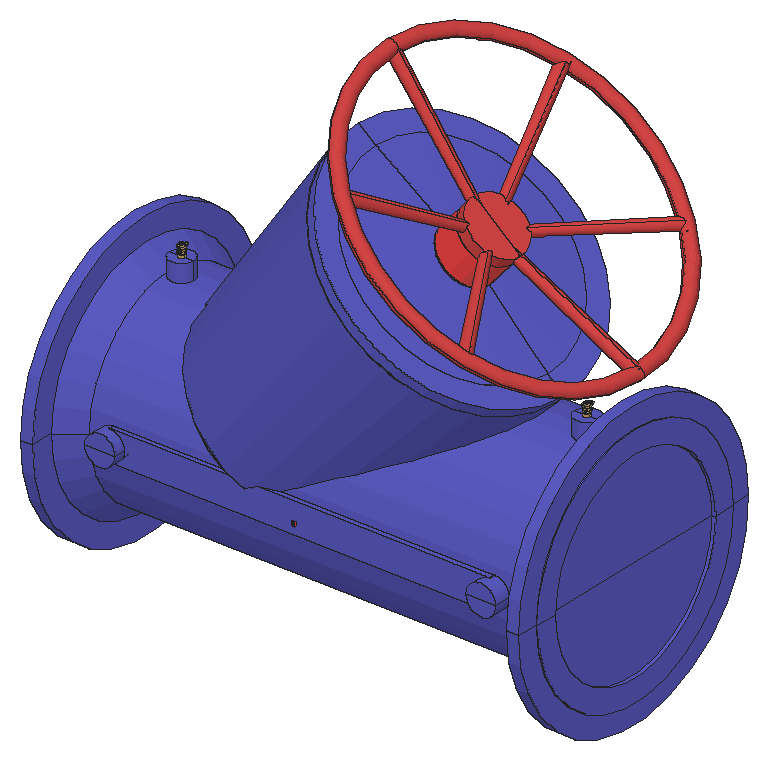
Revit family "Strangregulierventil für Differenzdruckmessung, Schrägsitzform 4218 GF PN16", category Rohrzubehör, Revit 2021
Family settings
  Bemaßung runder Anschluss = Durchmesser verwenden
  Teiletyp = Unterbricht
  OmniClass-Nummer = 23.65.55.14
  OmniClass-Titel = Valves for Liquid Services
  Arbeitsebenenbasiert = Nein
  Immer vertikal = Ja
  Beim Laden mit Abzugskörper schneiden = Nein
  Gemeinsam genutzt = Nein
Parameters
  kvs-Wert [instance] = if(Nennweite = 350.00 mm, 2917.6, if(Nennweite = 400.00 mm, 3854.8, if(Nennweite = 500.00 mm, 5250.6, 0)))  # 5250.6
  Zählvorrichtung = "Kunststoffmaterial"  # constant formula
  W02 = 60.00°  # constant formula
  W01 = 50.00°  # constant formula
  Vorgabe-Ansicht = 0.00 mm
  Ventilkegel = "Sphäroguss EN-GJS-400-15 gem. EN 1561/EPDM beschichtet"  # constant formula
  S01 [instance] = Nennweite + 10.00 mm  # 510.00 mm
  Regulierspindel = "Edelstahl"  # constant formula
  Oberteil = "Sphäroguss EN-GJS-400-15"  # constant formula
  O-Ringe = "EPDM"  # constant formula
  L04 [instance] = size_lookup("4218_GF_16_", "L4", 1.00 mm, Nennweite)  # 255.00 mm
  H11 = 85.00 mm  # constant formula
  H10 [instance] = H07 + H03  # 720.30 mm
  H08 = 47.00 mm  # constant formula
  H07 = 50.00 mm  # constant formula
  H06 = 27.00 mm  # constant formula
  H05 [instance] = H04 + 25.00 mm  # 605.00 mm
  H04 [instance] = size_lookup("4218_GF_16_", "H4", 1.00 mm, Nennweite)  # 580.00 mm
  H03 [instance] = size_lookup("4218_GF_16_", "H3", 1.00 mm, Nennweite)  # 670.30 mm
  Gewicht [instance] = if(Nennweite = 350.00 mm, "536.0 kg", if(Nennweite = 400.00 mm, "547.0 kg", if(Nennweite = 500.00 mm, "968.0 kg", "0")))  # "968.0 kg"
  Gehäuse = "Sphäroguss EN-GJS-400-15"  # constant formula
  URL = "www.herz-armaturen.at"
  SCRNSEQ = "ARM;ARM_TYP=\"STRV\";2"
  SCRNCODE = "05;07;02"  # constant formula
  R02 [instance] = size_lookup("4218_GF_16_", "R2", 1.00 mm, Nennweite)  # 30.00 mm
  R01 [instance] = size_lookup("4218_GF_16_", "R1", 1.00 mm, Nennweite)  # 37.50 mm
  Spindel = "Edelstahl"  # constant formula
  Nennweite [instance] = 500.00 mm
  Medium = "Heizwasserqualität entsprechend ÖNORM H 5195 bzw. VDI Richtlinie 2035.\r\nEthylen und Propylenglykol können in einem Verhältnis von 25-50 vol. [%] gemischt werden."
  Max. Betriebstemperatur = 110 °C  # constant formula
  Min. Betriebstemperatur = -10 °C  # constant formula
  Max. Betriebsdruck = 1600000.0 Pa  # constant formula
  L03 [instance] = size_lookup("4218_GF_16_", "L3", 1.00 mm, Nennweite)  # 505.00 mm
  L02 [instance] = size_lookup("4218_GF_16_", "L2", 1.00 mm, Nennweite)  # 475.00 mm
  L01 [instance] = size_lookup("4218_GF_16_", "L1", 1.00 mm, Nennweite)  # 533.50 mm
  L00 [instance] = size_lookup("4218_GF_16_", "L", 1.00 mm, Nennweite)  # 1250.00 mm
  Hersteller = "HERZ Armaturen Ges.m.b.H."  # constant formula
  H09 [instance] = H03  # 670.30 mm
  H02 [instance] = size_lookup("4218_GF_16_", "H2", 1.00 mm, Nennweite)  # 295.00 mm
  H01 [instance] = size_lookup("4218_GF_16_", "H1", 1.00 mm, Nennweite)  # 292.00 mm
  GT = 10.00 mm  # constant formula
  FLL02 [instance] = size_lookup("4218_GF_16_", "FLL2", 1.00 mm, Nennweite)  # 30.00 mm
  FLL01 [instance] = size_lookup("4218_GF_16_", "FLL1", 1.00 mm, Nennweite)  # 4.00 mm
  FLD03 [instance] = size_lookup("4218_GF_16_", "FLD3", 1.00 mm, Nennweite)  # 254.00 mm
  FLD02 [instance] = size_lookup("4218_GF_16_", "FLD2", 1.00 mm, Nennweite)  # 300.00 mm
  FLD01 [instance] = size_lookup("4218_GF_16_", "FLD1", 1.00 mm, Nennweite)  # 305.00 mm
  FLD00 [instance] = size_lookup("4218_GF_16_", "FLD", 1.00 mm, Nennweite)  # 357.50 mm
  Differenzdruckmessung = "Das STRÖMAX GF Strangregulierventil ist mit zwei Messventilen ausgestattet:\r\nSo ist es möglich, den Differenzdruck mit geeigneten Messgeräten zu messen und die Durchflussmenge entsprechend zu bestimmen."
  DN500 [instance] = Nennweite = 500.00 mm  # yes
  DN400 [instance] = Nennweite = 400.00 mm  # no
  DN350 [instance] = Nennweite = 350.00 mm  # no
  D05 = 75.00 mm  # constant formula
  D04 [instance] = size_lookup("4218_GF_16_", "D4", 1.00 mm, Nennweite)  # 54.00 mm
  D03 [instance] = size_lookup("4218_GF_16_", "D3", 1.00 mm, Nennweite)  # 275.00 mm
  D02 [instance] = D03 - 20.00 mm  # 255.00 mm
  D01 [instance] = size_lookup("4218_GF_16_", "D1", 1.00 mm, Nennweite)  # 334.00 mm
  D00 [instance] = size_lookup("4218_GF_16_", "D", 1.00 mm, Nennweite)  # 278.00 mm
  Bestellnummer [instance] = size_lookup("4218_GF_16_", "Artnr", 0, Nennweite)  # 1421892
  BH02 [instance] = -BH01  # -37.50 mm
  BH01 [instance] = size_lookup("4218_GF_16_", "BH1", 1.00 mm, Nennweite)  # 37.50 mm
  Ausführung = "STRÖMAX-GF-Strangregulierventil mit Messventilen, DN 350-500, Gehäuse Sphäroguss GJS 400-15 gem EN 1561, Flansch gem. EN 1092, PN 16, blaue Emaillierung.\r\nVentiloberteil Sphäroguss GJS 400-15, mit nicht steigen\u0002der Spindel, Spindelabdichtung mittels Dreifach-O-Ring.\r\nVoreinstellschritte werden digital angezeigt."
  Anwendungen = "Zum hydraulischen Abgleich in Heiz- oder Kühlsystemen zum Trennen von Sammelleitungen, Steigleitungen, Wärmetauschern, Heiz- und Kühlregistern."
  Anschluss [instance] = Nennweite / 2  # 250.00 mm
Reference planes
  plane 1 "Mitte (Vorne/hinten)": y = 0
  plane 2: z = 0
  plane 3 "Mitte (Links/rechts)": x = 0
Forms (mm)
  Revolve 1, solid, material "Herz-Marineblau", detail levels fine
    sketch origin (1058.943, 0, 0) x (1, 0, 0) y (0, 1, 0)
      loop
        line (-1679.943, 357.5) -> (-1679.943, 305) -> (-1683.943, 305) -> (-1683.943, 250) -> (-1673.943, 250) -> (-1673.943, 0) -> (-443.943, 0) -> (-443.943, 250) -> (-433.943, 250) -> (-433.943, 305) -> (-437.943, 305) -> (-437.943, 357.5) -> (-467.943, 357.5) -> (-467.943, 300) -> (-525.443, 254)
        arc (-525.443, 254) -> (-1058.943, 278) -> (-1592.443, 254) r 5941.63
        line (-1592.443, 254) -> (-1649.943, 300) -> (-1649.943, 357.5) -> (-1679.943, 357.5)
      axis (-1683.943, 0) -> (-433.943, 0)
    angle from 0 to 360
  Revolve 2, solid, material "Herz-Marineblau", detail levels fine
    sketch origin (0, 0, 0) x (1, 0, 0) y (0, 1, 0)
      loop
        line (-475, 292) -> (-512.5, 292) -> (-512.5, -292) -> (-475, -292) -> (-475, 292)
      axis (-475, 292) -> (-475, -292)
    angle from 0 to 360
  Revolve 3, solid, material "Herz-Marineblau", detail levels fine
    sketch origin (0, 0, 0) x (-1, 0, 0) y (0, 1, 0)
      loop
        line (-475, 292) -> (-512.5, 292) -> (-512.5, -292) -> (-475, -292) -> (-475, 292)
      axis (-475, 292) -> (-475, -292)
    angle from 0 to 360
  Revolve 4, solid, material "Herz-Marineblau", detail levels fine
    sketch origin (0, 0, 0) x (1, 0, 0) y (0, 0, 1)
      loop
        line (-505, 0) -> (-505, 295) -> (-535, 295) -> (-535, 0) -> (-505, 0)
      axis (-505, 295) -> (-505, 0)
    angle from 0 to 360
  Revolve 5, solid, material "Herz-Marineblau", detail levels fine
    sketch origin (0, 0, 0) x (-1, 0, 0) y (0, 0, 1)
      loop
        line (-505, 0) -> (-505, 295) -> (-535, 295) -> (-535, 0) -> (-505, 0)
      axis (-505, 295) -> (-505, 0)
    angle from 0 to 360
  Extrusion 6, solid, material "Herz-Marineblau", visible <- "DN500", detail levels fine
    sketch origin (0, 0, 0) x (1, 0, 0) y (0, 1, 0)
      loop
        arc (-475, -263.998) -> (0, -282.994) -> (475, -263.998) r 5948.094
        line (475, -263.998) -> (475, 263.998)
        arc (475, 263.998) -> (0, 282.994) -> (-475, 263.998) r 5948.094
        line (-475, 263.998) -> (-475, -263.998)
    from -37.5 <- "BH02" to 37.5 <- "BH01"
  Extrusion 7, solid, material "Herz-Marineblau", visible <- "DN400", detail levels fine
    sketch origin (0, 0, 0) x (1, 0, 0) y (0, 1, 0)
      loop
        arc (-410, -209.712) -> (0, -223.005) -> (410, -209.712) r 6329.849
        line (410, -209.712) -> (410, 209.712)
        arc (410, 209.712) -> (0, 223.005) -> (-410, 209.712) r 6329.849
        line (-410, 209.712) -> (-410, -209.712)
    from -37.5 <- "BH02" to 37.5 <- "BH01"
  Extrusion 8, solid, material "Herz-Marineblau", visible <- "DN350", detail levels fine
    sketch origin (0, 0, 0) x (1, 0, 0) y (0, 1, 0)
      loop
        arc (-390, -185.916) -> (0, -255.071) -> (390, -185.916) r 1134.286
        line (390, -185.916) -> (390, 185.916)
        arc (390, 185.916) -> (0, 255.071) -> (-390, 185.916) r 1134.286
        line (-390, 185.916) -> (-390, -185.916)
    from -37.5 <- "BH02" to 37.5 <- "BH01"
  Revolve 9, solid, material "Herz-Marineblau", detail levels fine
    sketch origin (0, 0, 0) x (1, 0, 0) y (0, 0, 1)
      loop
        line (-255, 0) -> (175.861, 513.48) -> (-79.998, 728.171) -> (-407.619, 245.94) -> (-408.367, 213.934) -> (-255, 0)
      axis (-255, 0) -> (175.861, 513.48)
    angle from 0 to 360
  Revolve 10, solid, material "Herz-Marineblau", detail levels fine
    sketch origin (0, 0, 0) x (1, 0, 0) y (0, 0, 1)
      loop
        line (175.861, 513.48) -> (208, 551.782) -> (150.547, 599.991) -> (148.618, 597.693)
        arc (148.618, 597.693) -> (66.389, 659.883) -> (-21.277, 714.143) r 1105.603
        line (-21.277, 714.143) -> (-62.643, 748.854) -> (-79.998, 728.171) -> (175.861, 513.48)
      axis (208, 551.782) -> (175.861, 513.48)
    angle from 0 to 360
  Revolve 11, solid, material "Kunsstoff rot", detail levels fine
    sketch origin (0, 0, 0) x (1, 0, 0) y (0, 0, 1)
      loop
        line (208, 551.782) -> (262.637, 616.896) -> (205.184, 665.105) -> (150.547, 599.991) -> (208, 551.782)
      axis (262.637, 616.896) -> (208, 551.782)
    angle from 0 to 360
Lines and regions (mm)
  model lines, detail levels coarse+medium
    curve 1: line (-625, 0, 357.5) -> (-625, 0, -357.5)
    curve 2: line (-625, 0, -357.5) -> (625, 0, 357.5)
    curve 3: line (625, 0, 357.5) -> (625, 0, -357.5)
    curve 4: line (625, 0, -357.5) -> (-625, 0, 357.5)
    curve 5: line (0, 0, 0) -> (386.998, 0, 670.3)
    curve 6: line (166.161, 0, 797.8) -> (607.834, 0, 542.8)
    curve 7: line (-625, 357.5, 0) -> (-625, -357.5, 0)
    curve 8: line (-625, -357.5, 0) -> (625, 357.5, 0)
    curve 9: line (625, 357.5, 0) -> (625, -357.5, 0)
    curve 10: line (625, -357.5, 0) -> (-625, 357.5, 0)
    curve 11: line (0, 0, 0) -> (386.998, 670.3, 0)
    curve 12: line (166.161, 797.8, 0) -> (607.834, 542.8, 0)
Dimensions and locks
  "FLD00": plane 1 "Mitte (Vorne/hinten)" to Revolve 1 sketch curve
  "FLD01": plane 1 "Mitte (Vorne/hinten)" to Revolve 1 sketch curve
  "FLD02": plane 1 "Mitte (Vorne/hinten)" to Revolve 1 sketch curve  (x2)
  "FLD03": plane 1 "Mitte (Vorne/hinten)" to Revolve 1 sketch curve  (x2)
  "GT": Revolve 1 sketch curve to Revolve 1 sketch curve  (x2)
  "FLL01": Revolve 1 sketch curve to Revolve 1 sketch curve  (x2)
  "FLL02": Revolve 1 sketch curve to Revolve 1 sketch curve  (x2)
  equal spacing: Revolve 1 sketch curve, plane 3 "Mitte (Links/rechts)", Revolve 1 sketch curve
  "Anschluss": Revolve 1 sketch curve to plane 1 "Mitte (Vorne/hinten)"
  "Anschluss": plane 1 "Mitte (Vorne/hinten)" to Revolve 1 sketch curve
  "FLD01": Revolve 1 sketch curve to plane 1 "Mitte (Vorne/hinten)"
  "FLD00": Revolve 1 sketch curve to plane 1 "Mitte (Vorne/hinten)"
  "L00": Revolve 1 sketch curve to Revolve 1 sketch curve
  "D00": plane 1 "Mitte (Vorne/hinten)" to Revolve 1 sketch curve
  "L01": Revolve 1 sketch curve to plane 3 "Mitte (Links/rechts)" to Revolve 1 sketch curve
  "L02": Revolve 2 sketch curve to plane 3 "Mitte (Links/rechts)"
  "R01": Revolve 2 sketch curve to Revolve 2 sketch curve
  "H01": Revolve 2 sketch curve to plane 1 "Mitte (Vorne/hinten)" to Revolve 2 sketch curve
  "L02": plane 3 "Mitte (Links/rechts)" to Revolve 3 sketch curve
  "R01": Revolve 3 sketch curve to Revolve 3 sketch curve
  "H01": Revolve 3 sketch curve to plane 1 "Mitte (Vorne/hinten)" to Revolve 3 sketch curve
  "L03": plane 3 "Mitte (Links/rechts)" to Revolve 4 sketch curve
  "R02": Revolve 4 sketch curve to Revolve 4 sketch curve
  "H02": Revolve 4 sketch curve to plane 2
  "R02": Revolve 5 sketch curve to Revolve 5 sketch curve
  "L03": Revolve 5 sketch curve to plane 3 "Mitte (Links/rechts)"
  "H02": Revolve 5 sketch curve to plane 2
  "L03": plane 3 "Mitte (Links/rechts)" to nested 1
  "L03": nested 2 to plane 3 "Mitte (Links/rechts)"
  "H02": nested 1 to plane 2
  "H02": nested 2 to plane 2
  "FLD00": curve 4 to plane 2 to curve 2
  "FLD00": curve 3 to plane 2 to curve 4
  equal spacing: curve 1, plane 3 "Mitte (Links/rechts)", curve 3
  "L00": curve 1 to curve 3
  "H09": curve 5 to plane 2
  equal spacing: curve 1, curve 5, curve 3
  equal spacing: curve 6, curve 5, curve 6
  "S01": curve 6 to curve 6
  "FLD00": curve 8 to plane 1 "Mitte (Vorne/hinten)" to curve 10
  "FLD00": curve 10 to plane 1 "Mitte (Vorne/hinten)" to curve 9
  equal spacing: curve 7, plane 3 "Mitte (Links/rechts)", curve 9
  "L00": curve 7 to curve 9
  equal spacing: curve 7, curve 11, curve 9
  "H09": plane 1 "Mitte (Vorne/hinten)" to curve 11
  equal spacing: curve 12, curve 11, curve 12
  "S01": curve 12 to curve 12
  "L04": plane 3 "Mitte (Links/rechts)" to Revolve 9 sketch curve  (x2)
  "H03": Revolve 9 sketch curve to Revolve 9 sketch curve
  "D02": Revolve 9 sketch curve to Revolve 9 sketch curve
  "H05": Revolve 9 sketch curve to Revolve 9 sketch curve
  "H04": Revolve 9 sketch curve to Revolve 9 sketch curve
  "D03": Revolve 9 sketch curve to Revolve 9 sketch curve
  "H03": Revolve 10 sketch curve to Revolve 10 sketch curve
  "D01": Revolve 10 sketch curve to Revolve 10 sketch curve  (x2)
  "D04": Revolve 10 sketch curve to Revolve 10 sketch curve
  "D05": Revolve 10 sketch curve to Revolve 10 sketch curve
  "H06": Revolve 9 to Revolve 10 sketch curve
  "H07": Revolve 9 to Revolve 10 sketch curve
  "H08": Revolve 9 to Revolve 10 sketch curve
  "L04": plane 3 "Mitte (Links/rechts)" to Revolve 10 sketch curve
  "D01": Revolve 9 sketch curve to Revolve 9 sketch curve
  "L04": plane 3 "Mitte (Links/rechts)" to Revolve 11 sketch curve
  "H11": Revolve 10 to Revolve 11 sketch curve
  "D05": Revolve 11 sketch curve to Revolve 11 sketch curve  (x2)
  "H10": Revolve 11 sketch curve to Revolve 11 sketch curve
  "W02": angle plane 2 to curve 5
  "W02": angle plane 1 "Mitte (Vorne/hinten)" to curve 11
  "W01": angle plane 2 to Revolve 9 sketch curve  (x2)
  "W01": angle plane 2 to Revolve 10 sketch curve  (x2)
  "W01": angle plane 2 to Revolve 11 sketch curve  (x2)
  aligned and locked: level to plane 2
Automatic sketch dimensions
  Extrusion 6 sketch curve to plane 3 "Mitte (Links/rechts)" = 0.00 mm  (x2)
  plane 1 "Mitte (Vorne/hinten)" to Extrusion 6 sketch curve = 263.998 mm
  Extrusion 6 sketch curve to plane 3 "Mitte (Links/rechts)" = 475.00 mm
  Extrusion 6 sketch curve to Extrusion 6 sketch curve = 5401.102 mm
  Extrusion 6 sketch curve to plane 1 "Mitte (Vorne/hinten)" = 5665.10 mm
  Extrusion 6 sketch curve to plane 1 "Mitte (Vorne/hinten)" = 263.998 mm  (x2)
  Extrusion 7 sketch curve to plane 3 "Mitte (Links/rechts)" = 0.00 mm  (x2)
  plane 1 "Mitte (Vorne/hinten)" to Extrusion 7 sketch curve = 209.712 mm  (x2)
  Extrusion 7 sketch curve to plane 3 "Mitte (Links/rechts)" = 410.00 mm
  Extrusion 7 sketch curve to Extrusion 7 sketch curve = 5897.131 mm
  Extrusion 7 sketch curve to plane 1 "Mitte (Vorne/hinten)" = 6106.844 mm
  Extrusion 7 sketch curve to plane 1 "Mitte (Vorne/hinten)" = 209.712 mm
  Extrusion 8 sketch curve to plane 3 "Mitte (Links/rechts)" = 0.00 mm  (x2)
  plane 1 "Mitte (Vorne/hinten)" to Extrusion 8 sketch curve = 185.916 mm
  Extrusion 8 sketch curve to plane 3 "Mitte (Links/rechts)" = 390.00 mm
  Extrusion 8 sketch curve to Extrusion 8 sketch curve = 693.298 mm
  Extrusion 8 sketch curve to plane 1 "Mitte (Vorne/hinten)" = 879.214 mm
  Extrusion 8 sketch curve to plane 1 "Mitte (Vorne/hinten)" = 185.916 mm  (x2)
  plane 1 "Mitte (Vorne/hinten)" to Revolve 1 sketch curve = 0.00 mm  (x2)
  Revolve 1 sketch curve to Revolve 1 sketch curve = 35.00 mm
  Revolve 1 sketch curve to Revolve 1 sketch curve = 40.00 mm
  Revolve 2 sketch curve to Revolve 2 sketch curve = 0.00 mm  (x3)
  Revolve 3 sketch curve to Revolve 3 sketch curve = 0.00 mm  (x3)
  Revolve 4 sketch curve to level = 0.00 mm  (x2)
  Revolve 4 sketch curve to Revolve 4 sketch curve = 0.00 mm  (x2)
  Revolve 5 sketch curve to level = 0.00 mm  (x2)
  Revolve 5 sketch curve to Revolve 5 sketch curve = 0.00 mm  (x2)
  Revolve 9 sketch curve to level = 0.00 mm  (x2)
  Revolve 10 sketch curve to level = 0.00 mm
  Revolve 10 sketch curve to level = 252.062 mm
  Revolve 11 sketch curve to level = 0.00 mm
Nested families
  nested 1: "Messstutzen_Band_Eintritt_senkrecht_(oben)" at (-505, 0, 286), type "Messstutzen_Band_Eintritt_senkrecht_(oben)", detail levels fine
    with Schutzkappe yes, Nennweite 0.00 mm, Gewicht 0.00 kg, Bestellnummer 0
  nested 2: "Messstutzen_Band_Austritt_senkrecht_(oben)" at (505, 0, 286), type "Messstutzen_Band_Austritt_senkrecht_(oben)", detail levels fine
    with Schutzkappe yes, Nennweite 0.00 mm, Gewicht 0.00 kg, Bestellnummer 0
  nested 3: "Herz-Logo-vorne" at (0, -282.994, 0) x (0, 1, 0) z (0, 0, 1), visible <- "DN500", type "Herz-Logo-vorne", detail levels fine
  nested 4: "Herz-Logo-vorne" at (0, -221.503, 0) x (0, 1, 0) z (0, 0, 1), visible <- "DN400", type "Herz-Logo-vorne", detail levels fine
  nested 5: "Herz-Logo-vorne" at (0, -255.053, 0) x (0, 1, 0) z (0, 0, 1), visible <- "DN350", type "Herz-Logo-vorne", detail levels fine
  nested 6: "Strangregulierventil-Handrad_VOLL-Schräg (Rot) DN350-DN400" at (211.704, 0, 501.376), visible <- "DN350", type "Strangregulierventil-Handrad_VOLL-Schräg (Rot) DN350-DN400"
    with DN300 yes
  nested 7: "Strangregulierventil-Handrad_VOLL-Schräg (Rot) DN350-DN400" at (230.272, 0, 547.339), visible <- "DN400", type "Strangregulierventil-Handrad_VOLL-Schräg (Rot) DN350-DN400"
    with DN300 yes
  nested 8: "Strangregulierventil-Handrad_VOLL-Schräg (Rot) DN500" at (262.637, 0, 616.896), visible <- "DN500", type "Strangregulierventil-Handrad_VOLL-Schräg (Rot) DN500", detail levels fine
    with DN300 yes
Connectors
  piping at (-625, 0, 0), diameter 500, driven by "Nennweite"
    settings: on Revolve 1, index 1, connector inside diameter 609.6 mm, connector length 0.00 mm, flow factor 0, pipe flow 0.0 L/s, pressure drop 0.0 Pa, fitting loss kfactor 0, connector angle 0.00°, fixture units 0, engagement length 0.00 mm, angle of deflection 0.00°, flow configuration 0, flow direction 1, fitting loss method 0, system type 29, joint type 0, gender type 0, connector reference index -1, connector utility 0, adjustable connector no, is connector primary yes, connector description ""
  piping at (625, 0, 0), diameter 500, driven by "Nennweite"
    settings: on Revolve 1, index 2, connector inside diameter 609.6 mm, connector length 0.00 mm, flow factor 0, pipe flow 0.0 L/s, pressure drop 0.0 Pa, fitting loss kfactor 0, connector angle 0.00°, fixture units 0, engagement length 0.00 mm, angle of deflection 0.00°, flow configuration 0, flow direction 2, fitting loss method 0, system type 29, joint type 0, gender type 0, connector reference index -1, connector utility 0, adjustable connector no, is connector primary no, connector description ""
Definition of nested family "Messstutzen_Band_Eintritt_senkrecht_(oben)"
  Parameters (values of type "Messstutzen_Band_Eintritt_senkrecht_(oben)")
    Default Elevation = 0.00 mm
    URL = "www.herz-armaturen.at"
    Schutzkappe [instance] = yes
    Nennweite [instance] = 0.00 mm
    Manufacturer = "Herz Armaturen GmbH"  # constant formula
    Gewicht [instance] = 0.00 kg
    Bestellnummer [instance] = 0
  Reference planes
    plane 1 "Mitte (Vorne/hinten)": y = 0
    plane 2: z = 0
    plane 3 "Mitte (Links/rechts)": x = 0
    plane 4 "Schlaufe 1": z = -27
    plane 5 "Schlaufe 2": z = -31.678
  Forms (mm)
    Revolve 1, solid, detail levels fine
      sketch origin (0, 0, 0) x (1, 0, 0) y (0, 0, 1)
        loop
          line (-7.4, 9) -> (-5.55, 9) -> (-5.55, 6)
          arc (-5.55, 6) -> (-5.626, 5.617) -> (-5.843, 5.293) r 1
          line (-5.843, 5.293) -> (-6.455, 4.681) -> (-6.455, 0.9) -> (-5.555, 0) -> (-2, 0) -> (-2, 17.5) -> (-8.4, 17.5)
          arc (-8.4, 17.5) -> (-7.693, 17.207) -> (-7.4, 16.5) r 1
          line (-7.4, 16.5) -> (-7.4, 9)
        loop
          line (-3.7, 27) -> (-7.3, 27) -> (-7.9, 26.4) -> (-7.9, 23) -> (-2, 23) -> (-2, 35.8) -> (-3.805, 35.8) -> (-4.415, 35.19) -> (-4.415, 30.863) -> (-3.7, 30.45) -> (-3.7, 27)
        axis (0, 0) -> (0, 35.8)
      angle from 0 to 360
    Extrusion 2, solid, detail levels fine
      sketch origin (0, 0, 17.5) x (0, 1, 0) y (-1, 0, 0)
        loop
          arc (-7.07, 5.156) -> (-7.578, 4.375) -> (-8, 3.544) r 8.75
          line (-8, 3.544) -> (-8, -3.544)
          arc (-8, -3.544) -> (-7.578, -4.375) -> (-7.07, -5.156) r 8.75
          line (-7.07, -5.156) -> (-0.93, -8.7)
          arc (-0.93, -8.7) -> (0, -8.75) -> (0.93, -8.7) r 8.75
          line (0.93, -8.7) -> (7.07, -5.156)
          arc (7.07, -5.156) -> (7.578, -4.375) -> (8, -3.544) r 8.75
          line (8, -3.544) -> (8, 3.544)
          arc (8, 3.544) -> (7.578, 4.375) -> (7.07, 5.156) r 8.75
          line (7.07, 5.156) -> (0.93, 8.7)
          arc (0.93, 8.7) -> (0, 8.75) -> (-0.93, 8.7) r 8.75
          line (-0.93, 8.7) -> (-7.07, 5.156)
      from 0 to 5.5
    Revolve 3, solid, visible <- "Schutzkappe", detail levels fine
      sketch origin (0, 0, 0) x (1, 0, 0) y (0, 0, 1)
        loop
          line (0, 35.878) -> (0, 36.678) -> (-7, 36.678) -> (-7, 33.378) -> (-6.1, 33.378) -> (-6.1, 31.678) -> (-6.9, 31.678) -> (-6.9, 30.178) -> (-4.415, 30.178) -> (-4.415, 35.268) -> (-3.805, 35.878) -> (0, 35.878)
        axis (0, 30.178) -> (0, 36.678)
      angle from 0 to 360
    Extrusion 4, solid, detail levels fine
      sketch origin (0, 0, 28.5) x (1, 0, 0) y (0, 1, 0)
        loop
          circle (0, 0) r 3.7
        loop
          arc (-3.906, 5.505) -> (0, -6.75) -> (3.906, 5.505) r 6.75
          arc (3.906, 5.505) -> (2.358, 7.288) -> (1.8, 9.582) r 5
          line (1.8, 9.582) -> (-1.8, 9.582)
          arc (-1.8, 9.582) -> (-2.358, 7.288) -> (-3.906, 5.505) r 5
      from 0 to -1.5
    Extrusion 5, solid, detail levels fine
      sketch origin (0, 0, 33.178) x (1, 0, 0) y (0, 1, 0)
        loop
          circle (0, 0) r 6.1
        loop
          arc (-4.495, 8.652) -> (0, -9.75) -> (4.495, 8.652) r 9.75
          arc (4.495, 8.652) -> (2.527, 10.493) -> (1.8, 13.089) r 5
          line (1.8, 13.089) -> (-1.8, 13.089)
          arc (-1.8, 13.089) -> (-2.527, 10.493) -> (-4.495, 8.652) r 5
      from 0 to -1.5
    Sweep 6, solid, detail levels fine
      path origin (0, 0, 0) x (0, 0, -1) y (0, -1, 0)
        loop
          line (-27.75, -9.582) -> (-27.75, -14.522)
          arc (-27.75, -14.522) -> (-30.089, -16.862) -> (-32.428, -14.522) r 2.339
          line (-32.428, -14.522) -> (-32.428, -13.089)
      profile origin (0, 12.052, 27.75) x (0, 0, 1) y (1, 0, 0)
        loop
          line (-0.75, -1.8) -> (0.75, -1.8) -> (0.75, 1.8) -> (-0.75, 1.8) -> (-0.75, -1.8)
  Dimensions and locks
    aligned and locked: level to plane 2
Definition of nested family "Messstutzen_Band_Austritt_senkrecht_(oben)"
  Parameters (values of type "Messstutzen_Band_Austritt_senkrecht_(oben)")
    Default Elevation = 0.00 mm
    URL = "www.herz-armaturen.at"
    Schutzkappe [instance] = yes
    Nennweite [instance] = 0.00 mm
    Manufacturer = "Herz Armaturen GmbH"  # constant formula
    Gewicht [instance] = 0.00 kg
    Bestellnummer [instance] = 0
  Reference planes
    plane 1 "Mitte (Vorne/hinten)": y = 0
    plane 2: z = 0
    plane 3 "Mitte (Links/rechts)": x = 0
    plane 4 "Schlaufe 1": z = -27
    plane 5 "Schlaufe 2": z = -31.678
  Forms (mm)
    Revolve 1, solid, detail levels fine
      sketch origin (0, 0, 0) x (1, 0, 0) y (0, 0, 1)
        loop
          line (-7.4, 9) -> (-5.55, 9) -> (-5.55, 6)
          arc (-5.55, 6) -> (-5.626, 5.617) -> (-5.843, 5.293) r 1
          line (-5.843, 5.293) -> (-6.455, 4.681) -> (-6.455, 0.9) -> (-5.555, 0) -> (-2, 0) -> (-2, 17.5) -> (-8.4, 17.5)
          arc (-8.4, 17.5) -> (-7.693, 17.207) -> (-7.4, 16.5) r 1
          line (-7.4, 16.5) -> (-7.4, 9)
        loop
          line (-3.7, 27) -> (-7.3, 27) -> (-7.9, 26.4) -> (-7.9, 23) -> (-2, 23) -> (-2, 35.8) -> (-3.805, 35.8) -> (-4.415, 35.19) -> (-4.415, 30.863) -> (-3.7, 30.45) -> (-3.7, 27)
        axis (0, 0) -> (0, 35.8)
      angle from 0 to 360
    Extrusion 2, solid, detail levels fine
      sketch origin (0, 0, 17.5) x (0, 1, 0) y (-1, 0, 0)
        loop
          arc (-7.07, 5.156) -> (-7.578, 4.375) -> (-8, 3.544) r 8.75
          line (-8, 3.544) -> (-8, -3.544)
          arc (-8, -3.544) -> (-7.578, -4.375) -> (-7.07, -5.156) r 8.75
          line (-7.07, -5.156) -> (-0.93, -8.7)
          arc (-0.93, -8.7) -> (0, -8.75) -> (0.93, -8.7) r 8.75
          line (0.93, -8.7) -> (7.07, -5.156)
          arc (7.07, -5.156) -> (7.578, -4.375) -> (8, -3.544) r 8.75
          line (8, -3.544) -> (8, 3.544)
          arc (8, 3.544) -> (7.578, 4.375) -> (7.07, 5.156) r 8.75
          line (7.07, 5.156) -> (0.93, 8.7)
          arc (0.93, 8.7) -> (0, 8.75) -> (-0.93, 8.7) r 8.75
          line (-0.93, 8.7) -> (-7.07, 5.156)
      from 0 to 5.5
    Revolve 3, solid, visible <- "Schutzkappe", detail levels fine
      sketch origin (0, 0, 0) x (1, 0, 0) y (0, 0, 1)
        loop
          line (0, 35.878) -> (0, 36.678) -> (-7, 36.678) -> (-7, 33.378) -> (-6.1, 33.378) -> (-6.1, 31.678) -> (-6.9, 31.678) -> (-6.9, 30.178) -> (-4.415, 30.178) -> (-4.415, 35.268) -> (-3.805, 35.878) -> (0, 35.878)
        axis (0, 30.178) -> (0, 36.678)
      angle from 0 to 360
    Extrusion 4, solid, detail levels fine
      sketch origin (0, 0, 28.5) x (1, 0, 0) y (0, 1, 0)
        loop
          circle (0, 0) r 3.7
        loop
          arc (-3.906, 5.505) -> (0, -6.75) -> (3.906, 5.505) r 6.75
          arc (3.906, 5.505) -> (2.358, 7.288) -> (1.8, 9.582) r 5
          line (1.8, 9.582) -> (-1.8, 9.582)
          arc (-1.8, 9.582) -> (-2.358, 7.288) -> (-3.906, 5.505) r 5
      from 0 to -1.5
    Extrusion 5, solid, detail levels fine
      sketch origin (0, 0, 33.178) x (1, 0, 0) y (0, 1, 0)
        loop
          circle (0, 0) r 6.1
        loop
          arc (-4.495, 8.652) -> (0, -9.75) -> (4.495, 8.652) r 9.75
          arc (4.495, 8.652) -> (2.527, 10.493) -> (1.8, 13.089) r 5
          line (1.8, 13.089) -> (-1.8, 13.089)
          arc (-1.8, 13.089) -> (-2.527, 10.493) -> (-4.495, 8.652) r 5
      from 0 to -1.5
    Sweep 6, solid, detail levels fine
      path origin (0, 0, 0) x (0, 0, -1) y (0, -1, 0)
        loop
          line (-27.75, -9.582) -> (-27.75, -14.522)
          arc (-27.75, -14.522) -> (-30.089, -16.862) -> (-32.428, -14.522) r 2.339
          line (-32.428, -14.522) -> (-32.428, -13.089)
      profile origin (0, 12.052, 27.75) x (0, 0, 1) y (1, 0, 0)
        loop
          line (-0.75, -1.8) -> (0.75, -1.8) -> (0.75, 1.8) -> (-0.75, 1.8) -> (-0.75, -1.8)
  Dimensions and locks
    aligned and locked: level to plane 2
Definition of nested family "Herz-Logo-vorne"
  Parameters (values of type "Herz-Logo-vorne")
    Default Elevation = 0.00 mm
  Reference planes
    plane 1 "Mitte (Vorne/hinten)": y = 0
    plane 2: z = 0
    plane 3 "Mitte (Links/rechts)": x = 0
  Forms (mm)
    Extrusion 1, solid
      sketch origin (0.732, -0.018, 0.017) x (0, -1, 0) y (0, 0, 1)
        loop
          line (-0.018, -4.517) -> (4.482, -4.517) -> (4.482, 4.483) -> (-4.518, 4.483) -> (-4.518, -4.517) -> (-0.018, -4.517)
        loop
          line (-0.05, -3.48) -> (3.482, -3.48) -> (3.482, 3.483) -> (-3.518, 3.483) -> (-3.518, -3.48) -> (-0.05, -3.48)
        loop
          arc (-0.018, 2.383) -> (-1.543, 3.287) -> (-3.067, 2.383) r 1.738
          arc (-3.067, 2.383) -> (-3.191, 1.899) -> (-3.067, 1.415) r 1.009
          line (-3.067, 1.415) -> (-0.018, -3.281) -> (3.032, 1.415)
          arc (3.032, 1.415) -> (3.156, 1.899) -> (3.032, 2.383) r 1.009
          arc (3.032, 2.383) -> (1.507, 3.287) -> (-0.018, 2.383) r 1.738
        loop
          arc (1.885, 1.272) -> (2.005, 1.675) -> (1.885, 2.079) r 0.74
          arc (1.885, 2.079) -> (1.265, 2.416) -> (0.644, 2.079) r 0.74
          line (0.644, 2.079) -> (-0.018, 0.97) -> (-0.679, 2.079)
          arc (-0.679, 2.079) -> (-1.3, 2.416) -> (-1.921, 2.079) r 0.74
          arc (-1.921, 2.079) -> (-2.04, 1.675) -> (-1.921, 1.272) r 0.74
          line (-1.921, 1.272) -> (-0.018, -1.658) -> (1.885, 1.272)
      from 0 to 1.5
  Dimensions and locks
    aligned and locked: level to plane 2
Definition of nested family "Strangregulierventil-Handrad_VOLL-Schräg (Rot) DN350-DN400"
  Parameters (values of type "Strangregulierventil-Handrad_VOLL-Schräg (Rot) DN350-DN400")
    Default Elevation = 0.00 mm
    DN300 [instance] = yes
  Reference planes
    plane 1 "Mitte (Vorne/hinten)": y = 0
    plane 2: z = 0
    plane 3 "Mitte (Links/rechts)": x = 0
  Forms (mm)
    Revolve 1, solid, detail levels fine
      sketch origin (0, 0, 0) x (0.766044, 0, -0.642788) y (0.642788, 0, 0.766044)
        loop
          line (0, 0) -> (0, 30) -> (-75, 30) -> (-75, 0) -> (0, 0)
        loop
          line (-316.85, 58.85) -> (-316.85, 42.85) -> (-280.85, 42.85) -> (-280.85, 58.85)
          arc (-280.85, 58.85) -> (-298.85, 76.85) -> (-316.85, 58.85) r 18
        axis (0, 58.85) -> (0, 0)
      angle from 0 to 360
    Revolve 2, solid, detail levels fine
      sketch origin (0, 0, 0) x (0.766044, 0, -0.642788) y (0.642788, 0, 0.766044)
        loop
          line (299.245, 74.817) -> (49.107, 26.195) -> (50.831, 16.343) -> (301.153, 65.001) -> (299.245, 74.817)
        axis (50.832, 16.338) -> (301.154, 64.996)
      angle from 0 to 360
    Revolve 3, solid, detail levels fine
      sketch origin (0, 0, 0) x (0.236721, 0.951057, -0.198632) y (0.642788, 0, 0.766044)
        loop
          line (299.245, 74.817) -> (49.107, 26.195) -> (50.831, 16.343) -> (301.153, 65.001) -> (299.245, 74.817)
        axis (50.832, 16.338) -> (301.154, 64.996)
      angle from 0 to 360
    Revolve 4, solid, detail levels fine
      sketch origin (0, 0, 0) x (-0.619743, 0.587785, 0.520026) y (0.642788, 0, 0.766044)
        loop
          line (299.245, 74.817) -> (49.107, 26.195) -> (50.831, 16.343) -> (301.153, 65.001) -> (299.245, 74.817)
        axis (50.832, 16.338) -> (301.154, 64.996)
      angle from 0 to 360
    Revolve 5, solid, detail levels fine
      sketch origin (0, 0, 0) x (-0.619743, -0.587785, 0.520026) y (0.642788, 0, 0.766044)
        loop
          line (299.245, 74.817) -> (49.107, 26.195) -> (50.831, 16.343) -> (301.153, 65.001) -> (299.245, 74.817)
        axis (50.832, 16.338) -> (301.154, 64.996)
      angle from 0 to 360
    Revolve 6, solid, detail levels fine
      sketch origin (0, 0, 0) x (0.236721, -0.951057, -0.198632) y (0.642788, 0, 0.766044)
        loop
          line (299.245, 74.817) -> (49.107, 26.195) -> (50.831, 16.343) -> (301.153, 65.001) -> (299.245, 74.817)
        axis (50.832, 16.338) -> (301.154, 64.996)
      angle from 0 to 360
  Dimensions and locks
    Revolve 1 sketch curve to plane 2 = 255.179 mm
    Revolve 1 sketch curve to Revolve 1 sketch curve = 30.00 mm
    aligned and locked: level to plane 2
Definition of nested family "Strangregulierventil-Handrad_VOLL-Schräg (Rot) DN500"
  Parameters (values of type "Strangregulierventil-Handrad_VOLL-Schräg (Rot) DN500")
    Default Elevation = 0.00 mm
    DN300 [instance] = yes
  Reference planes
    plane 1 "Mitte (Vorne/hinten)": y = 0
    plane 2: z = 0
    plane 3 "Mitte (Links/rechts)": x = 0
  Forms (mm)
    Revolve 1, solid, detail levels fine
      sketch origin (0, 0, 0) x (0.766044, 0, -0.642788) y (0.642788, 0, 0.766044)
        loop
          line (0, 0) -> (0, 30) -> (-75, 30) -> (-75, 0) -> (0, 0)
        loop
          circle (-400, 94.75) r 16.85
        axis (0, 94.75) -> (0, 0)
      angle from 0 to 360
    Revolve 2, solid, detail levels fine
      sketch origin (0, 0, 0) x (0.766044, 0, -0.642788) y (0.642788, 0, 0.766044)
        loop
          line (400.44, 94.852) -> (397.067, 109.46) -> (48.97, 25.68) -> (51.251, 14.235) -> (400.44, 94.852)
        axis (51.251, 14.235) -> (400.44, 94.852)
      angle from 0 to 360
    Revolve 3, solid, detail levels fine
      sketch origin (0, 0, 0) x (0.383022, 0.866025, -0.321394) y (0.642788, 0, 0.766044)
        loop
          line (400.44, 94.852) -> (397.067, 109.46) -> (48.97, 25.68) -> (51.251, 14.235) -> (400.44, 94.852)
        axis (51.251, 14.235) -> (400.44, 94.852)
      angle from 0 to 360
    Revolve 4, solid, detail levels fine
      sketch origin (0, 0, 0) x (-0.383022, 0.866025, 0.321394) y (0.642788, 0, 0.766044)
        loop
          line (400.44, 94.852) -> (397.067, 109.46) -> (48.97, 25.68) -> (51.251, 14.235) -> (400.44, 94.852)
        axis (51.251, 14.235) -> (400.44, 94.852)
      angle from 0 to 360
    Revolve 5, solid, detail levels fine
      sketch origin (0, 0, 0) x (-0.766044, 0, 0.642788) y (0.642788, 0, 0.766044)
        loop
          line (400.44, 94.852) -> (397.067, 109.46) -> (48.97, 25.68) -> (51.251, 14.235) -> (400.44, 94.852)
        axis (51.251, 14.235) -> (400.44, 94.852)
      angle from 0 to 360
    Revolve 6, solid, detail levels fine
      sketch origin (0, 0, 0) x (-0.383022, -0.866025, 0.321394) y (0.642788, 0, 0.766044)
        loop
          line (400.44, 94.852) -> (397.067, 109.46) -> (48.97, 25.68) -> (51.251, 14.235) -> (400.44, 94.852)
        axis (51.251, 14.235) -> (400.44, 94.852)
      angle from 0 to 360
    Revolve 7, solid, detail levels fine
      sketch origin (0, 0, 0) x (0.383022, -0.866025, -0.321394) y (0.642788, 0, 0.766044)
        loop
          line (400.44, 94.852) -> (397.067, 109.46) -> (48.97, 25.68) -> (51.251, 14.235) -> (400.44, 94.852)
        axis (51.251, 14.235) -> (400.44, 94.852)
      angle from 0 to 360
  Dimensions and locks
    Revolve 1 sketch curve to Revolve 1 sketch curve = 30.00 mm
    Revolve 1 sketch curve to Revolve 1 sketch curve = 416.85 mm
    Revolve 1 sketch curve to level = 346.548 mm
    Revolve 1 sketch curve to Revolve 1 sketch curve = 75.00 mm
    aligned and locked: level to plane 2
